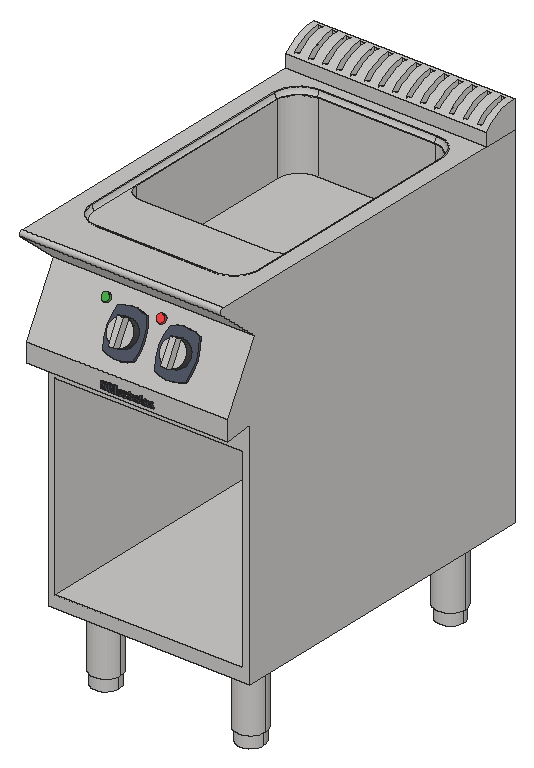
Revit family "QF_ELECTROLUXPROFESSIONAL_371109_E7MFEDDD00", category Specialty Equipment, Revit 2018 (continued)
Automatic sketch dimensions
  Extrusion 35 sketch curve to Extrusion 35 sketch curve = 0.895 mm
  Extrusion 35 sketch curve to Extrusion 35 sketch curve = 1.314 mm
  Extrusion 35 sketch curve to Extrusion 35 sketch curve = 3.231 mm
  Extrusion 35 sketch curve to Extrusion 35 sketch curve = 1.299 mm
  Extrusion 35 sketch curve to Extrusion 35 sketch curve = 1.214 mm
  Extrusion 35 sketch curve to Extrusion 35 sketch curve = 1.264 mm
  Extrusion 35 sketch curve to Extrusion 35 sketch curve = 0.109 mm
  Extrusion 35 sketch curve to Extrusion 35 sketch curve = 0.357 mm
  Extrusion 35 sketch curve to Extrusion 35 sketch curve = 0.565 mm
  Extrusion 35 sketch curve to Extrusion 35 sketch curve = 2.504 mm
  Extrusion 35 sketch curve to Extrusion 35 sketch curve = 2.459 mm
  Extrusion 35 sketch curve to Extrusion 35 sketch curve = 1.322 mm
  Extrusion 35 sketch curve to Extrusion 35 sketch curve = 2.77 mm
  Extrusion 35 sketch curve to Extrusion 35 sketch curve = 2.51 mm
  Extrusion 35 sketch curve to Extrusion 35 sketch curve = 0.187 mm
  Extrusion 35 sketch curve to Extrusion 35 sketch curve = 2.559 mm
  Extrusion 35 sketch curve to Extrusion 35 sketch curve = 1.556 mm
  Extrusion 35 sketch curve to Extrusion 35 sketch curve = 0.222 mm
  Extrusion 35 sketch curve to Extrusion 35 sketch curve = 1.383 mm
  Extrusion 35 sketch curve to Extrusion 35 sketch curve = 3.114 mm
  Extrusion 35 sketch curve to Extrusion 35 sketch curve = 3.376 mm
  Extrusion 35 sketch curve to Extrusion 35 sketch curve = 0.934 mm
  Extrusion 35 sketch curve to Extrusion 35 sketch curve = 0.191 mm
  Extrusion 35 sketch curve to Extrusion 35 sketch curve = 3.696 mm
  Extrusion 35 sketch curve to Extrusion 35 sketch curve = 2.708 mm
  Extrusion 35 sketch curve to Extrusion 35 sketch curve = 3.333 mm
  Extrusion 35 sketch curve to Extrusion 35 sketch curve = 0.332 mm
  Extrusion 35 sketch curve to Extrusion 35 sketch curve = 1.087 mm
  Extrusion 35 sketch curve to Extrusion 35 sketch curve = 2.23 mm
  Extrusion 35 sketch curve to Extrusion 35 sketch curve = 2.757 mm
  Extrusion 35 sketch curve to Extrusion 35 sketch curve = 0.987 mm
  Extrusion 35 sketch curve to Extrusion 35 sketch curve = 1.529 mm
  Extrusion 35 sketch curve to Extrusion 35 sketch curve = 1.796 mm
  Extrusion 35 sketch curve to Extrusion 35 sketch curve = 2.859 mm
  Extrusion 35 sketch curve to Extrusion 35 sketch curve = 0.853 mm
  Extrusion 35 sketch curve to Extrusion 35 sketch curve = 1.241 mm
  Extrusion 35 sketch curve to Extrusion 35 sketch curve = 2.046 mm  (x2)
  Extrusion 35 sketch curve to Extrusion 35 sketch curve = 2.422 mm
  Extrusion 35 sketch curve to Extrusion 35 sketch curve = 0.27 mm  (x2)
  Extrusion 35 sketch curve to Extrusion 35 sketch curve = 0.69 mm
  Extrusion 35 sketch curve to Extrusion 35 sketch curve = 0.781 mm  (x2)
  Extrusion 35 sketch curve to Extrusion 35 sketch curve = 3.136 mm
  Extrusion 35 sketch curve to Extrusion 35 sketch curve = 1.767 mm
  Extrusion 35 sketch curve to Extrusion 35 sketch curve = 0.138 mm
  Extrusion 35 sketch curve to Extrusion 35 sketch curve = 0.777 mm
  Extrusion 35 sketch curve to Extrusion 35 sketch curve = 1.19 mm
  Extrusion 35 sketch curve to Extrusion 35 sketch curve = 0.782 mm
  Extrusion 35 sketch curve to Extrusion 35 sketch curve = 1.268 mm
  Extrusion 35 sketch curve to Extrusion 35 sketch curve = 0.422 mm  (x2)
  Extrusion 35 sketch curve to Extrusion 35 sketch curve = 1.559 mm
  Extrusion 35 sketch curve to Extrusion 35 sketch curve = 3.927 mm
  Extrusion 35 sketch curve to Extrusion 35 sketch curve = 0.983 mm
  Extrusion 35 sketch curve to Extrusion 35 sketch curve = 1.134 mm
  Extrusion 35 sketch curve to Extrusion 35 sketch curve = 0.094 mm
  Extrusion 35 sketch curve to Extrusion 35 sketch curve = 1.584 mm
  Extrusion 35 sketch curve to Extrusion 35 sketch curve = 0.643 mm
  Extrusion 35 sketch curve to Extrusion 35 sketch curve = 0.916 mm
  Extrusion 35 sketch curve to Extrusion 35 sketch curve = 0.352 mm
  Extrusion 35 sketch curve to Extrusion 35 sketch curve = 0.458 mm
  Extrusion 35 sketch curve to Extrusion 35 sketch curve = 1.282 mm
  Extrusion 35 sketch curve to Extrusion 35 sketch curve = 1.363 mm
  Extrusion 35 sketch curve to Extrusion 35 sketch curve = 0.685 mm
  Extrusion 35 sketch curve to Extrusion 35 sketch curve = 0.905 mm
  Extrusion 35 sketch curve to Extrusion 35 sketch curve = 2.865 mm
  Extrusion 35 sketch curve to Extrusion 35 sketch curve = 0.472 mm
  Extrusion 35 sketch curve to Extrusion 35 sketch curve = 0.101 mm
  Extrusion 35 sketch curve to Extrusion 35 sketch curve = 0.54 mm
  Extrusion 35 sketch curve to Extrusion 35 sketch curve = 0.02 mm
  Extrusion 35 sketch curve to Extrusion 35 sketch curve = 0.468 mm
  Extrusion 35 sketch curve to Extrusion 35 sketch curve = 0.829 mm
  Extrusion 35 sketch curve to Extrusion 35 sketch curve = 0.582 mm
  Extrusion 35 sketch curve to Extrusion 35 sketch curve = 0.166 mm
  Extrusion 35 sketch curve to Extrusion 35 sketch curve = 0.16 mm
  Extrusion 35 sketch curve to Extrusion 35 sketch curve = 2.781 mm
  Extrusion 35 sketch curve to Extrusion 35 sketch curve = 1.118 mm
  Extrusion 35 sketch curve to Extrusion 35 sketch curve = 0.613 mm
  Extrusion 35 sketch curve to Extrusion 35 sketch curve = 0.361 mm
  Extrusion 35 sketch curve to Extrusion 35 sketch curve = 0.897 mm
  Extrusion 35 sketch curve to Extrusion 35 sketch curve = 0.167 mm
  Extrusion 35 sketch curve to Extrusion 35 sketch curve = 0.292 mm
  Extrusion 35 sketch curve to Extrusion 35 sketch curve = 0.305 mm
  Extrusion 35 sketch curve to Extrusion 35 sketch curve = 1.557 mm
  Extrusion 35 sketch curve to Extrusion 35 sketch curve = 2.499 mm
  Extrusion 35 sketch curve to Extrusion 35 sketch curve = 3.062 mm
  Extrusion 35 sketch curve to Extrusion 35 sketch curve = 2.968 mm
  Extrusion 35 sketch curve to Extrusion 35 sketch curve = 5.044 mm
  Extrusion 35 sketch curve to Extrusion 35 sketch curve = 0.629 mm  (x2)
  Extrusion 35 sketch curve to Extrusion 35 sketch curve = 1.131 mm
  Extrusion 35 sketch curve to Extrusion 35 sketch curve = 0.027 mm
  Extrusion 35 sketch curve to Extrusion 35 sketch curve = 2.235 mm
  radius of Extrusion 27 sketch curve = 25.4 mm
  radius of Extrusion 28 sketch curve to Extrusion 27 = 0 mm  (x2)
  radius of Extrusion 30 sketch curve = 25.4 mm
  radius of Extrusion 31 sketch curve to Extrusion 30 = 0 mm  (x2)
  radius of Extrusion 33 sketch curve = 8 mm
  radius of Extrusion 34 sketch curve = 8 mm
  radius of Extrusion 8 sketch curve = 6.35 mm
  radius of Extrusion 8 sketch curve = 12.7 mm
Connectors
  piping at (134, -556, 588.3), diameter 25.4
    settings: on Extrusion 8, index 2, connector inside diameter 1", connector length 0 mm, flow factor 0, pipe flow 0 GPM, pressure drop 0.00 psi, fitting loss kfactor 0, connector angle 0.00°, fixture units 0, engagement length 0 mm, angle of deflection 0.00°, flow configuration 1, flow direction 2, fitting loss method 0, system type 16, joint type 0, gender type 0, connector reference index -1, connector utility 0, adjustable connector no, is connector primary yes, connector description "Drain"
  electrical at (376, -510, 588.3), driven by "Volts", driven by "Watts"
    settings: on Extrusion 8, index 3, voltage 400 V, apparent load 5000 VA, apparent load phase1 0 VA, apparent load phase2 0 VA, apparent load phase3 0 VA, power factor 1, load classification "Other", number of poles 1, system type 30, power factor state 1, is connector primary yes, connector utility no, sub classification motor no, connector description "Electrical Connection"
